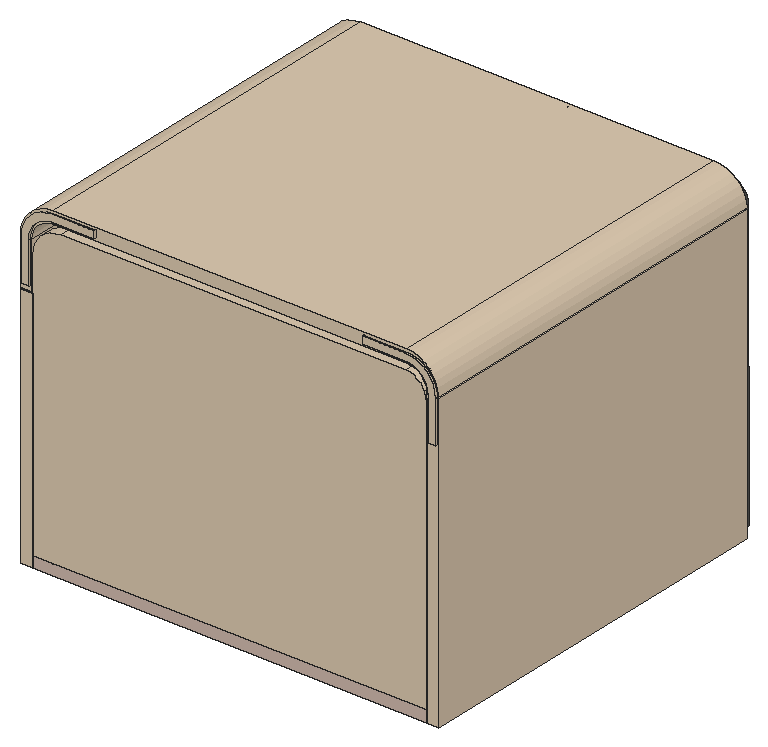
Revit family "Furniture-Wall_Mount-Vanity-KOHLER-Forefront-K-31602IN", category Casework, host Face, Revit 2022
Family settings
  Host = Face
  OmniClass Number = 23.31.25.00
  OmniClass Title = Toilet and Bath Specialties
  Cut with Voids When Loaded = No
  Shared = No
  Room Calculation Point = No
Parameters (values of type "C38-White Oak")
  Width = 23 149/256"  # constant formula
  WaterSense Certified = 1 = 0  # no
  URL = "https://www.kohler.co.in/"
  Type = 1
  Product Page URL = ""
  Product Name = "Forefront"  # constant formula
  Product Finish = Kohler-Wood-C38-White_Oak
  Product Documentation Link = "https://resources.kohler.com/plumbing/kohlerindia/pdf/Forefront-600-1331703-IN2.pdf"
  Model = if(Type = 1, "K-31602IN-C38", if(Type = 2, "K-31602IN-E63", if(Type = 3, "K-31602IN-E64", "NA")))  # "K-31602IN-C38"
  Material = "Solid Wood Construction"  # constant formula
  Master Format 2014 Name = "Cabinet and Drawer Hardware"  # constant formula
  Master Format 2014 = "06 41 93"  # constant formula
  Manufacturer Address = "Ambience Office Tower NH-8 Gurgaon / Gurugram Haryana , 122001\r\n"  # constant formula
  Manufacturer = "Kohler Co."  # constant formula
  Height = 22 183/256"  # constant formula
  Finish = "Kohler-Wood-C38-White_Oak"
  Environmental Product Declaration = ""
  Description = "60 cm wall-hung bathroom vanity cabinet"  # constant formula
  Depth = 18 109/256"  # constant formula
  Default Elevation = 35"
  Declare Label = ""
  Date Modified = "04/30/2025"  # constant formula
  Date Created = "03/31/2023"  # constant formula
  Copyright = "Copyright Kohler Co."  # constant formula
  Contact Us = "https://www.kohler.co.in/contact-us"
  Construction Type = "Wall Mount"  # constant formula
  Assembly Code = "E20"
  ADA Compliant = 1 = 0  # no
Types (4): name | Type | Product Page URL | Product Finish | Product Documentation Link | Model | Finish
  (no name) | 1 | "" | Kohler-Wood-C38-White_Oak | "https://resources.kohler.com/plumbing/kohlerindia/pdf/Forefront-600-1331703-IN2.pdf" | "K-31602IN-C38" | "Kohler-Wood-C38-White_Oak"
  C38-White Oak | 1 | "" | Kohler-Wood-C38-White_Oak | "https://resources.kohler.com/plumbing/kohlerindia/pdf/Forefront-600-1331703-IN2.pdf" | "K-31602IN-C38" | "Kohler-Wood-C38-White_Oak"
  E63-Walnut | 2 | "https://www.kohler.co.in/product-detail/31602in?skuid=K-31602IN-E63" | Kohler-Wood-E63-Walnut | "https://resources.kohler.com/plumbing/kohlerindia/pdf/Forefront-600-1331703-IN2.pdf" | "K-31602IN-E63" | "Kohler-Wood-E63-Walnut"
  E64 | 3 | "https://www.kohler.co.in/p/bathroom-vanity/forefront-600-mm-wall-hung-bathroom-vanity-cabinet-31602in?skuId=31602IN-E64" | KOHLER-Wood-E64 | "https://techcomm.kohler.com/techcomm/pdf/K-31602IN_spec_IN_Kohler_en.pdf" | "K-31602IN-E64" | "KOHLER-Wood-E64"
Reference planes (in)
  plane 1 "Center (Front/Back)": y = 0
  plane 2: z = 0
  plane 3 "Center (Left/Right)": x = 0
  plane 4: z = 18.42579
  plane 5: z = 0
  plane 6: x = 11.79102
  plane 7: x = 11.08268
  plane 8: x = -11.79102
  plane 9: x = -11.08268
  plane 10: y = -11.35742
  plane 11: y = -11.27868
  plane 12: y = 11.35742
  plane 13: y = 10.37486
  plane 14: z = 17.63838
Dimensions and locks (in)
  "Width": plane 8 to plane 6
  plane 9 to plane 7 = 22.16535"
  "Height": plane 12 to plane 10
  plane 13 to plane 10 = 21.73228"  (x2)
  plane 11 to plane 10 = 0.07874"
  plane 14 to level = 17.63838"
  plane 7 to plane 9 = 22.16535"
  equal spacing: plane 12, plane 1 "Center (Front/Back)", plane 10
  equal spacing: plane 8, plane 3 "Center (Left/Right)", plane 6
  "Depth": level to plane 4
  aligned and locked: plane 2 to host face
  aligned and locked: level to host face
  aligned and locked: plane 3 "Center (Left/Right)" to nested 1
  aligned and locked: plane 1 "Center (Front/Back)" to nested 1
Automatic sketch dimensions
  host sketch curve to host sketch curve = 96"  (x2)
Nested families (in)
  nested 1: "K-31602IN" at (0, -11.35827, 9.21318), type "K-31602IN"
Definition of nested family "K-31602IN"
  Parameters (values of type "K-31602IN")
    Material = none
    Finish = "KOHLER-Wood-E64"
    Default Elevation = 0"
  Reference planes (in)
    plane 1 "Center (Front/Back)": y = 0
    plane 2: z = 0
    plane 3 "Center (Left/Right)": x = 0
    plane 4: y = 0.07874
    plane 5: y = 21.73228
    plane 6: y = 22.71654
    plane 7: x = 11.79134
    plane 8: x = -11.79134
    plane 9: x = 11.08268
    plane 10: x = -11.08268
    plane 11: z = 9.2126
    plane 12: z = -9.2126
    plane 13: y = 11.35827
  Forms (in)
    Sweep 1, solid, material <- "Material", detail levels medium+fine
      path origin (0, 0, 0) x (-1, 0, 0) y (0, 0, -1)
        loop
          line (11.79134, -4.72441) -> (11.79134, -7.3622)
          arc (11.79134, -7.3622) -> (11.24937, -8.67063) -> (9.94094, -9.2126) r 1.85039
          line (9.94094, -9.2126) -> (-9.94094, -9.2126)
          arc (-9.94094, -9.2126) -> (-11.24937, -8.67063) -> (-11.79134, -7.3622) r 1.85039
          line (-11.79134, -7.3622) -> (-11.79134, -7.32662)
      profile origin (0, 0, 9.2126) x (0, 0, 1) y (0, -1, 0)
        loop
          line (0, -0.07874) -> (-0.66929, -0.07874) -> (-0.66929, -21.73228) -> (0, -21.73228) -> (0, -0.07874)
    Extrusion 2, solid, material <- "Material", detail levels medium+fine
      sketch origin (0, 0, 0) x (1, 0, 0) y (0, 1, 0)
        loop
          line (11.79134, 21.73228) -> (11.08268, 21.73228) -> (11.08268, 0.07874) -> (11.79134, 0.07874) -> (11.79134, 21.73228)
      from -9.2126 to 7.36286
    Extrusion 3, solid
      sketch origin (0, 0, 0) x (1, 0, 0) y (0, 0, 1)
        loop
          line (9.8622, 8.11024) -> (-9.8622, 8.11024)
          arc (-9.8622, 8.11024) -> (-10.72521, 7.75277) -> (-11.08268, 6.88976) r 1.22047
          line (-11.08268, 6.88976) -> (-11.08268, -9.2126) -> (-10.45276, -9.2126) -> (-10.45276, 6.88976)
          arc (-10.45276, 6.88976) -> (-10.27979, 7.30735) -> (-9.8622, 7.48031) r 0.59055
          line (-9.8622, 7.48031) -> (9.8622, 7.48031)
          arc (9.8622, 7.48031) -> (10.27979, 7.30735) -> (10.45276, 6.88976) r 0.59055
          line (10.45276, 6.88976) -> (10.45276, -9.2126) -> (11.08268, -9.2126) -> (11.08268, 6.88976)
          arc (11.08268, 6.88976) -> (10.72521, 7.75277) -> (9.8622, 8.11024) r 1.22047
      from -22.71654 to -20.15748
    Extrusion 4, solid, detail levels medium+fine
      sketch origin (0, 0, 0.94488) x (0, 1, 0) y (0, 0, 1)
        loop
          line (0.07874, -10.15748) -> (4.48819, -10.15748) -> (4.48819, -9.52756) -> (0.07874, -9.52756) -> (0.07874, -10.15748)
        loop
          line (15.74803, -9.52756) -> (15.74803, -10.15748) -> (20.15748, -10.15748) -> (20.15748, -9.52756) -> (15.74803, -9.52756)
      from -11.08268 to 11.08268
    Extrusion 5, solid, material <- "Material"
      sketch origin (0, 0, 0) x (1, 0, 0) y (0, 0, 1)
        loop
          arc (-9.50787, 8.14961) -> (-10.62143, 7.68836) -> (-11.08268, 6.5748) r 1.5748
          line (-11.08268, 6.5748) -> (-11.08268, -8.58268) -> (11.08268, -8.58268) -> (11.08268, 6.9685)
          arc (11.08268, 6.9685) -> (10.73674, 7.80367) -> (9.90157, 8.14961) r 1.1811
          line (9.90157, 8.14961) -> (-9.50787, 8.14961)
      from -0.07874 to -0.70866
    Extrusion 6, solid, material <- "Material", detail levels medium+fine
      sketch origin (-11.12205, 0.07874, 4.72441) x (0, 0, 1) y (-1, 0, 0)
        loop
          line (0.26575, 0.12795) -> (2.6378, 0.12795)
          arc (2.6378, 0.12795) -> (3.56344, -0.25546) -> (3.94685, -1.1811) r 1.30906
          line (3.94685, -1.1811) -> (3.94685, -3.55315) -> (4.36024, -3.55315) -> (4.36024, -1.1811)
          arc (4.36024, -1.1811) -> (3.85574, 0.03685) -> (2.6378, 0.54134) r 1.72244
          line (2.6378, 0.54134) -> (0.26575, 0.54134) -> (0.26575, 0.12795)
        loop
          line (0.26575, -22.37205) -> (0.26575, -22.78543) -> (2.6378, -22.78543)
          arc (2.6378, -22.78543) -> (3.85574, -22.28094) -> (4.36024, -21.06299) r 1.72244
          line (4.36024, -21.06299) -> (4.36024, -18.69094) -> (3.94685, -18.69094) -> (3.94685, -21.06299)
          arc (3.94685, -21.06299) -> (3.56344, -21.98863) -> (2.6378, -22.37205) r 1.30906
          line (2.6378, -22.37205) -> (0.26575, -22.37205)
      from 0 to 0.07874
    Sweep 7, solid, detail levels medium+fine
      path origin (5.70866, 0, 0) x (1, 0, 0) y (0, 0, 1)
        loop
          line (-12.65748, 8.40551) -> (-12.65748, 5.57087)
          arc (-12.65748, 5.57087) -> (-12.34614, 4.81922) -> (-11.59449, 4.50787) r 1.06299
          line (-11.59449, 4.50787) -> (0.21654, 4.50787)
          arc (0.21654, 4.50787) -> (0.96818, 4.81922) -> (1.27953, 5.57087) r 1.06299
          line (1.27953, 5.57087) -> (1.27953, 8.40551)
      profile origin (0.01969, 0, 4.50787) x (0, 0, 1) y (0, -1, 0)
        loop
          line (0, -9.94094) -> (0.3937, -9.94094) -> (0.3937, -9.82283) -> (-0.11811, -9.82283) -> (-0.11811, -13.30707)
          arc (-0.11811, -13.30707) -> (-0.05906, -13.36612) -> (0, -13.30707) r 0.05906
          line (0, -13.30707) -> (0, -9.94094)
    Extrusion 8, solid, detail levels medium+fine
      sketch origin (-6.55512, 9.94094, 8.4252) x (0, 0, -1) y (-1, 0, 0)
        loop
          line (2.85433, 0) -> (0.33465, 0) -> (0.33465, -13.14961) -> (2.85433, -13.14961)
          arc (2.85433, -13.14961) -> (3.32759, -12.95358) -> (3.52362, -12.48031) r 0.66929
          line (3.52362, -12.48031) -> (3.52362, -0.66929)
          arc (3.52362, -0.66929) -> (3.32759, -0.19603) -> (2.85433, 0) r 0.66929
      from 0 to -0.11811
    Extrusion 9, solid, detail levels medium+fine
      sketch origin (5.76772, 0, -0.93504) x (1, 0, 0) y (0, 0, 1)
        loop
          line (-16.11994, 3.10533) -> (-15.89535, 5.8887)
          arc (-15.89535, 5.8887) -> (-16.00113, 6.02564) -> (-16.14742, 5.93323) r 0.12856
          line (-16.14742, 5.93323) -> (-16.20277, 5.73264)
          arc (-16.20277, 5.73264) -> (-16.22056, 5.70459) -> (-16.25097, 5.69123) r 0.05694
          line (-16.25097, 5.69123) -> (-16.85039, 5.62036) -> (-16.85039, 3.10533) -> (-16.11994, 3.10533)
      from -3.51575 to -2.83071
    Extrusion 10, solid, detail levels medium+fine
      sketch origin (5.76772, 11.93504, -0.93504) x (1, 0, 0) y (0, 0, 1)
        loop
          line (-16.11994, 3.10533) -> (-15.89535, 5.8887)
          arc (-15.89535, 5.8887) -> (-16.00113, 6.02564) -> (-16.14742, 5.93323) r 0.12856
          line (-16.14742, 5.93323) -> (-16.20277, 5.73264)
          arc (-16.20277, 5.73264) -> (-16.22056, 5.70459) -> (-16.25097, 5.69123) r 0.05694
          line (-16.25097, 5.69123) -> (-16.85039, 5.62036) -> (-16.85039, 3.10533) -> (-16.11994, 3.10533)
      from -3.51575 to -2.83071
    Extrusion 11, solid, detail levels medium+fine
      sketch origin (-15.90551, 13.58268, -9.37008) x (-1, 0, 0) y (0, 0, 1)
        loop
          line (-5.5315, 3.24803) -> (-5.5315, 1.00394) -> (-5.76772, 1.00394) -> (-5.76772, 0.7874) -> (-4.82283, 0.7874) -> (-4.82283, 3.24803) -> (-5.5315, 3.24803)
        loop
          line (-26.27953, 3.24803) -> (-26.98819, 3.24803) -> (-26.98819, 0.7874) -> (-26.04331, 0.7874) -> (-26.04331, 1.00394) -> (-26.27953, 1.00394) -> (-26.27953, 3.24803)
      from 0 to -1.29921
    Extrusion 12, solid, detail levels medium+fine
      sketch origin (5.76772, 15.05906, -0.93504) x (1, 0, 0) y (0, 0, 1)
        loop
          line (-16.11994, 3.10533) -> (-15.89535, 5.8887)
          arc (-15.89535, 5.8887) -> (-16.00113, 6.02564) -> (-16.14742, 5.93323) r 0.12856
          line (-16.14742, 5.93323) -> (-16.20277, 5.73264)
          arc (-16.20277, 5.73264) -> (-16.22056, 5.70459) -> (-16.25097, 5.69123) r 0.05694
          line (-16.25097, 5.69123) -> (-16.85039, 5.62036) -> (-16.85039, 3.10533) -> (-16.11994, 3.10533)
      from -3.51575 to -2.83071
    Extrusion 13, solid, material <- "Material", detail levels coarse
      sketch origin (17.55906, 21.73228, 0) x (1, 0, 0) y (0, 0, -1)
        loop
          line (-5.64272, 9.2126) -> (-6.47638, 9.2126) -> (-6.47638, -7.3622)
          arc (-6.47638, -7.3622) -> (-6.82231, -8.19737) -> (-7.65748, -8.54331) r 1.1811
          line (-7.65748, -8.54331) -> (-27.46063, -8.54331)
          arc (-27.46063, -8.54331) -> (-28.2958, -8.19737) -> (-28.64173, -7.3622) r 1.1811
          line (-28.64173, -7.3622) -> (-28.64173, 9.2126) -> (-29.47539, 9.2126) -> (-29.47539, -7.57979)
          arc (-29.47539, -7.57979) -> (-28.99715, -8.73436) -> (-27.84258, -9.2126) r 1.63281
          line (-27.84258, -9.2126) -> (-7.27362, -9.2126)
          arc (-7.27362, -9.2126) -> (-6.1204, -8.73492) -> (-5.64272, -7.5817) r 1.6309
          line (-5.64272, -7.5817) -> (-5.64272, 9.2126)
      from -21.73228 to 0
    Extrusion 14, solid, detail levels coarse
      sketch origin (8.85827, 6.39764, 0) x (1, 0, 0) y (0, 0, 1)
        loop
          line (-1.75197, 4.38976) -> (-1.75197, 8.40551) -> (-15.9252, 8.40551) -> (-15.9252, 4.38976) -> (-1.75197, 4.38976)
        loop
          line (-2.34252, 7.79528) -> (-15.33465, 7.79528) -> (-15.33465, 4.98031) -> (-2.34252, 4.98031) -> (-2.34252, 7.79528)
      from -6.96849 to -3.4252
    Extrusion 15, solid, detail levels coarse
      sketch origin (6.90945, 9.82283, -0.94488) x (1, 0, 0) y (0, 0, 1)
        loop
          line (-0.3937, 8.74016) -> (-13.38583, 8.74016) -> (-13.38583, 5.9252) -> (-0.3937, 5.9252) -> (-0.3937, 8.74016)
      from 0 to -0.57943
    Extrusion 16, solid
      sketch origin (9.44488, 21.7815, 8.93898) x (1, 0, 0) y (0, 0, -1)
        loop
          line (0.15748, -0.0689) -> (0.15748, 0.44488) -> (-7.71654, 0.44488) -> (-7.71654, -0.0689)
          arc (-7.71654, -0.0689) -> (-7.69347, -0.12458) -> (-7.6378, -0.14764) r 0.07874
          line (-7.6378, -0.14764) -> (0.07874, -0.14764)
          arc (0.07874, -0.14764) -> (0.13442, -0.12458) -> (0.15748, -0.0689) r 0.07874
      from 0 to -0.60039
    Extrusion 17, void
      sketch origin (9.44488, 21.7815, 8.93898) x (1, 0, 0) y (0, 0, -1)
        loop
          line (0.15748, -0.0689) -> (0.15748, 0.44488) -> (-7.71654, 0.44488) -> (-7.71654, -0.0689)
          arc (-7.71654, -0.0689) -> (-7.69347, -0.12458) -> (-7.6378, -0.14764) r 0.07874
          line (-7.6378, -0.14764) -> (0.07874, -0.14764)
          arc (0.07874, -0.14764) -> (0.13442, -0.12458) -> (0.15748, -0.0689) r 0.07874
      from 0 to -0.60039
    Sweep 18, void
      path origin (0, 0, -0.94419) x (0, 1, 0) y (0, 0, 1)
        loop
          line (21.32837, 9.38301) -> (21.32837, 9.41899)
          arc (21.32837, 9.41899) -> (21.46674, 9.75305) -> (21.80081, 9.89143) r 0.47244
          line (21.80081, 9.89143) -> (21.89464, 9.89143)
      profile origin (0, 21.84772, 8.94724) x (0, 0, 1) y (1, 0, 0)
        loop
          arc (0, 9.09055) -> (-0.10378, 9.3411) -> (-0.35433, 9.44488) r 0.35433
          line (-0.35433, 9.44488) -> (-0.45737, 9.44488) -> (-0.45737, 1.88562) -> (-0.35433, 1.88562)
          arc (-0.35433, 1.88562) -> (-0.10378, 1.9894) -> (0, 2.23995) r 0.35433
          line (0, 2.23995) -> (0, 9.09055)
    Revolve 19, solid, detail levels medium+fine
      sketch origin (7.83711, 20.75098, -1.06234) x (1, 0, 0) y (0, 0, 1)
        loop
          line (3.62194, 8.54331) -> (3.62194, 8.4252) -> (3.83637, 8.4252)
          arc (3.83637, 8.4252) -> (3.86142, 8.43557) -> (3.8718, 8.46063) r 0.03543
          line (3.8718, 8.46063) -> (3.8718, 8.50787)
          arc (3.8718, 8.50787) -> (3.86142, 8.53293) -> (3.83637, 8.54331) r 0.03543
          line (3.83637, 8.54331) -> (3.62194, 8.54331)
        axis (3.62194, 8.54331) -> (3.62194, 8.4252)
      angle from 0 to 360
    Extrusion 20, solid, material <- "Material", detail levels medium+fine
      sketch origin (0, 0, 0) x (-1, 0, 0) y (0, -1, 0)
        loop
          line (11.79134, -21.73228) -> (11.79134, -0.07874) -> (11.08268, -0.07874) -> (11.08268, -21.73228) -> (11.79134, -21.73228)
      from -9.2126 to 4.6063
    Extrusion 21, solid
      sketch origin (0, 0, 0) x (1, 0, 0) y (0, 0, 1)
        loop
          arc (2.14567, 7.48031) -> (2.16873, 7.42464) -> (2.22441, 7.40157) r 0.07874
          line (2.22441, 7.40157) -> (2.87402, 7.40157) -> (2.87402, 7.48031) -> (2.22441, 7.48031) -> (2.22441, 8.26772)
          arc (2.22441, 8.26772) -> (2.17828, 8.37907) -> (2.06693, 8.4252) r 0.15748
          line (2.06693, 8.4252) -> (-2.06693, 8.4252)
          arc (-2.06693, 8.4252) -> (-2.17828, 8.37907) -> (-2.22441, 8.26772) r 0.15748
          line (-2.22441, 8.26772) -> (-2.22441, 7.48031) -> (-2.87402, 7.48031) -> (-2.87402, 7.40157) -> (-2.22441, 7.40157)
          arc (-2.22441, 7.40157) -> (-2.16873, 7.42464) -> (-2.14567, 7.48031) r 0.07874
          line (-2.14567, 7.48031) -> (-2.14567, 8.26772)
          arc (-2.14567, 8.26772) -> (-2.12261, 8.32339) -> (-2.06693, 8.34646) r 0.07874
          line (-2.06693, 8.34646) -> (2.06693, 8.34646)
          arc (2.06693, 8.34646) -> (2.12261, 8.32339) -> (2.14567, 8.26772) r 0.07874
          line (2.14567, 8.26772) -> (2.14567, 7.48031)
      from -20.74803 to -22.71654
    Extrusion 22, void
      sketch origin (0, 0, 0) x (1, 0, 0) y (0, 0, 1)
        loop
          line (2.22441, 7.40157) -> (2.22441, 8.4252) -> (-2.22441, 8.4252) -> (-2.22441, 7.40157) -> (2.22441, 7.40157)
      from -20.74803 to -22.71654
    Extrusion 23, solid
      sketch origin (-25.98425, 0, 0) x (1, 0, 0) y (0, 0, 1)
        loop
          line (37.06693, -9.2126) -> (37.06693, 4.25197) -> (14.90157, 4.25197) -> (14.90157, -9.2126) -> (37.06693, -9.2126)
      from -9.2126 to -8.58268
    Extrusion 24, solid
      sketch origin (-25.98425, 0, 0) x (1, 0, 0) y (0, 1, 0)
        loop
          line (29.54724, 12.71654) -> (31.12205, 12.71654) -> (31.12205, 13.16929)
          arc (31.12205, 13.16929) -> (31.10475, 13.21105) -> (31.06299, 13.22835) r 0.05906
          line (31.06299, 13.22835) -> (29.6063, 13.22835)
          arc (29.6063, 13.22835) -> (29.56454, 13.21105) -> (29.54724, 13.16929) r 0.05906
          line (29.54724, 13.16929) -> (29.54724, 12.71654)
        loop
          line (20.88583, 13.16929) -> (20.88583, 12.71654) -> (22.46063, 12.71654) -> (22.46063, 13.16929)
          arc (22.46063, 13.16929) -> (22.44333, 13.21105) -> (22.40157, 13.22835) r 0.05906
          line (22.40157, 13.22835) -> (20.94488, 13.22835)
          arc (20.94488, 13.22835) -> (20.90312, 13.21105) -> (20.88583, 13.16929) r 0.05906
      from 8.40551 to 8.54331
    Extrusion 25, void
      sketch origin (0, 0, 0) x (1, 0, 0) y (0, 0, 1)
        loop
          line (11.03713, 7.48097) -> (11.03713, 7.32662) -> (11.8566, 7.32662) -> (11.8566, 7.48097) -> (11.03713, 7.48097)
      from -23.68662 to 0.77
    Revolve 26, solid, detail levels medium+fine
      sketch origin (7.83711, 1.06594, -1.06234) x (1, 0, 0) y (0, 0, 1)
        loop
          line (3.62194, 8.54331) -> (3.62194, 8.4252) -> (3.83637, 8.4252)
          arc (3.83637, 8.4252) -> (3.86142, 8.43557) -> (3.8718, 8.46063) r 0.03543
          line (3.8718, 8.46063) -> (3.8718, 8.50787)
          arc (3.8718, 8.50787) -> (3.86142, 8.53293) -> (3.83637, 8.54331) r 0.03543
          line (3.83637, 8.54331) -> (3.62194, 8.54331)
        axis (3.62194, 8.54331) -> (3.62194, 8.4252)
      angle from 0 to 360
    Extrusion 27, solid, detail levels coarse
      sketch origin (0.08465, 0.09055, 0.94488) x (0, 1, 0) y (0, 0, 1)
        loop
          line (0.07874, -10.15748) -> (4.48819, -10.15748) -> (4.48819, -9.52756) -> (0.07874, -9.52756) -> (0.07874, -10.15748)
        loop
          line (15.74803, -9.52756) -> (15.74803, -10.15748) -> (20.06693, -10.15748) -> (20.06693, -9.52756) -> (15.74803, -9.52756)
      from -11.16732 to 10.99803
    Extrusion 28, solid, material <- "Material", detail levels medium+fine
      sketch origin (0, 0, 0) x (0, 1, 0) y (0, 0, 1)
        loop
          line (11.43701, -8.99606) -> (11.83071, -8.99606) -> (11.83071, -8.91732) -> (11.43701, -8.91732) -> (11.20079, -9.11417) -> (10.33465, -9.11417) -> (10.33465, -9.19291) -> (11.20079, -9.19291) -> (11.43701, -8.99606)
      from 8.60236 to 11.08268
    Extrusion 29, void
      sketch origin (0, 0, 0) x (1, 0, 0) y (0, 1, 0)
        loop
          line (10.96457, 10.33465) -> (11.08268, 10.33465) -> (11.08268, 10.45276) -> (10.96457, 10.33465)
        loop
          line (8.72047, 11.83071) -> (8.60236, 11.83071) -> (8.60236, 11.7126) -> (8.72047, 11.83071)
        loop
          line (8.60236, 10.45276) -> (8.60236, 10.33465) -> (8.72047, 10.33465) -> (8.60236, 10.45276)
      from -13.47327 to -5.30107
    Extrusion 30, void
      sketch origin (0, 0, 0) x (1, 0, 0) y (0, 1, 0)
        loop
          line (10.68898, 11.00394) -> (10.43307, 11.00394)
          arc (10.43307, 11.00394) -> (10.31496, 10.88583) -> (10.43307, 10.76772) r 0.11811
          line (10.43307, 10.76772) -> (10.68898, 10.76772)
          arc (10.68898, 10.76772) -> (10.80709, 10.88583) -> (10.68898, 11.00394) r 0.11811
        loop
          line (9.97047, 10.70866) -> (9.71457, 10.70866)
          arc (9.71457, 10.70866) -> (9.59646, 10.59055) -> (9.71457, 10.47244) r 0.11811
          line (9.71457, 10.47244) -> (9.97047, 10.47244)
          arc (9.97047, 10.47244) -> (10.08858, 10.59055) -> (9.97047, 10.70866) r 0.11811
        loop
          arc (9.25197, 10.76772) -> (9.37008, 10.88583) -> (9.25197, 11.00394) r 0.11811
          line (9.25197, 11.00394) -> (8.99606, 11.00394)
          arc (8.99606, 11.00394) -> (8.87795, 10.88583) -> (8.99606, 10.76772) r 0.11811
          line (8.99606, 10.76772) -> (9.25197, 10.76772)
      from -10.92495 to -2.04836
    Extrusion 31, solid, material <- "Material", detail levels medium+fine
      sketch origin (0, 0, 0) x (1, 0, 0) y (0, 0, 1)
        loop
          line (10.96457, -9.15354) -> (10.96457, -8.6811) -> (10.80709, -8.6811) -> (10.80709, -8.56299) -> (10.41339, -8.56299) -> (10.41339, -8.6811) -> (10.25591, -8.6811) -> (10.25591, -9.15354) -> (10.96457, -9.15354)
      from -12.20472 to -11.51575
    Extrusion 32, solid, material <- "Material", detail levels medium+fine
      sketch origin (0, 0, 0) x (0, 1, 0) y (0, 0, -1)
        loop
          line (11.43701, 8.99606) -> (11.20079, 9.19291) -> (10.33465, 9.19291) -> (10.33465, 9.11417) -> (11.20079, 9.11417) -> (11.43701, 8.91732) -> (11.83071, 8.91732) -> (11.83071, 8.99606) -> (11.43701, 8.99606)
      from 8.60236 to 11.08268
    Extrusion 33, solid, material <- "Material", detail levels medium+fine
      sketch origin (0, 0, 0) x (-1, 0, 0) y (0, 0, -1)
        loop
          line (10.96457, 9.15354) -> (10.25591, 9.15354) -> (10.25591, 8.6811) -> (10.41339, 8.6811) -> (10.41339, 8.56299) -> (10.80709, 8.56299) -> (10.80709, 8.6811) -> (10.96457, 8.6811) -> (10.96457, 9.15354)
      from -12.20472 to -11.51575
    Extrusion 34, solid, material <- "Material", detail levels medium+fine
      sketch origin (0, 0, 0) x (0, 1, 0) y (0, 0, -1)
        loop
          line (11.43701, 8.99606) -> (11.20079, 9.19291) -> (10.33465, 9.19291) -> (10.33465, 9.11417) -> (11.20079, 9.11417) -> (11.43701, 8.91732) -> (11.83071, 8.91732) -> (11.83071, 8.99606) -> (11.43701, 8.99606)
      from 8.60236 to 11.08268
    Extrusion 35, solid, material <- "Material", detail levels medium+fine
      sketch origin (0, 0, 0) x (-1, 0, 0) y (0, 0, -1)
        loop
          line (10.96457, 9.15354) -> (10.25591, 9.15354) -> (10.25591, 8.6811) -> (10.41339, 8.6811) -> (10.41339, 8.56299) -> (10.80709, 8.56299) -> (10.80709, 8.6811) -> (10.96457, 8.6811) -> (10.96457, 9.15354)
      from -12.20472 to -11.51575
    Extrusion 36, void
      sketch origin (0, 0, 0) x (-1, 0, 0) y (0, -1, 0)
        loop
          line (10.96457, -10.33465) -> (11.08268, -10.45276) -> (11.08268, -10.33465) -> (10.96457, -10.33465)
        loop
          line (8.72047, -11.83071) -> (8.60236, -11.7126) -> (8.60236, -11.83071) -> (8.72047, -11.83071)
        loop
          line (8.60236, -10.45276) -> (8.72047, -10.33465) -> (8.60236, -10.33465) -> (8.60236, -10.45276)
      from -13.47327 to -5.30107
    Extrusion 37, void
      sketch origin (0, 0, 0) x (-1, 0, 0) y (0, -1, 0)
        loop
          arc (10.68898, -11.00394) -> (10.80709, -10.88583) -> (10.68898, -10.76772) r 0.11811
          line (10.68898, -10.76772) -> (10.43307, -10.76772)
          arc (10.43307, -10.76772) -> (10.31496, -10.88583) -> (10.43307, -11.00394) r 0.11811
          line (10.43307, -11.00394) -> (10.68898, -11.00394)
        loop
          arc (9.97047, -10.70866) -> (10.08858, -10.59055) -> (9.97047, -10.47244) r 0.11811
          line (9.97047, -10.47244) -> (9.71457, -10.47244)
          arc (9.71457, -10.47244) -> (9.59646, -10.59055) -> (9.71457, -10.70866) r 0.11811
          line (9.71457, -10.70866) -> (9.97047, -10.70866)
        loop
          line (9.25197, -10.76772) -> (8.99606, -10.76772)
          arc (8.99606, -10.76772) -> (8.87795, -10.88583) -> (8.99606, -11.00394) r 0.11811
          line (8.99606, -11.00394) -> (9.25197, -11.00394)
          arc (9.25197, -11.00394) -> (9.37008, -10.88583) -> (9.25197, -10.76772) r 0.11811
      from -10.92495 to -2.04836
  Cuts and joins
    joined: Sweep 7, Extrusion 8
    joined: Extrusion 14, Extrusion 15
    Extrusion 17, Extrusion 25 cuts Sweep 1
    Sweep 18 cuts Extrusion 16
    Extrusion 17, Extrusion 22, Extrusion 36 cuts Extrusion 13
    Extrusion 22 cuts Extrusion 3
    Extrusion 29, Extrusion 30, Extrusion 36, Extrusion 37 cuts Extrusion 28
    Extrusion 36 cuts Extrusion 2
    Extrusion 36, Extrusion 37 cuts Extrusion 34
    Extrusion 36, Extrusion 37 cuts Extrusion 32
  Lines and regions (in)
    Masking region 1
      outline origin (0, 0, 0.94488) x (1, 0, 0) y (0, 0, 1)
        loop
          line (-11.79134, -10.15748) -> (11.79134, -10.15748) -> (11.79134, 6.45301) -> (11.70658, 6.45301) -> (11.70658, 6.5)
          arc (11.70658, 6.5) -> (11.6962, 6.52505) -> (11.67115, 6.53543) r 0.03543
          line (11.67115, 6.53543) -> (11.78757, 6.53543)
          arc (11.78757, 6.53543) -> (11.20692, 7.76686) -> (9.94094, 8.26772) r 1.85039
          line (9.94094, 8.26772) -> (-9.94094, 8.26772)
          arc (-9.94094, 8.26772) -> (-11.24937, 7.72575) -> (-11.79134, 6.41732) r 1.85039
          line (-11.79134, 6.41732) -> (-11.79134, 3.77953) -> (-11.08268, 3.77953) -> (-11.08268, 3.70079) -> (-11.79134, 3.70079) -> (-11.79134, -10.15748)
        loop
          line (-11.08268, 6.41732) -> (-11.08268, 6.02362)
          arc (-11.08268, 6.02362) -> (-10.73674, 6.85879) -> (-9.90157, 7.20472) r 1.1811
          line (-9.90157, 7.20472) -> (-7.06693, 7.20472) -> (-7.06693, 7.46063) -> (-5.09843, 7.46063) -> (-5.09843, 7.59843) -> (-9.90157, 7.59843)
          arc (-9.90157, 7.59843) -> (-10.73674, 7.25249) -> (-11.08268, 6.41732) r 1.1811
        loop
          arc (9.90157, 7.20472) -> (10.73674, 6.85879) -> (11.08268, 6.02362) r 1.1811
          line (11.08268, 6.02362) -> (11.08268, 6.45301) -> (11.20777, 6.45301) -> (11.20777, 6.5)
          arc (11.20777, 6.5) -> (11.21815, 6.52505) -> (11.2432, 6.53543) r 0.03543
          line (11.2432, 6.53543) -> (11.07676, 6.53543)
          arc (11.07676, 6.53543) -> (10.69388, 7.29325) -> (9.90157, 7.59843) r 1.1811
          line (9.90157, 7.59843) -> (9.60236, 7.59843) -> (9.60236, 7.54921) -> (5.1378, 7.54921) -> (5.1378, 7.46063) -> (7.1063, 7.46063) -> (7.1063, 7.20472) -> (9.90157, 7.20472)
        loop
          line (-3.52362, 7.46063) -> (-2.14317, 7.46063)
          arc (-2.14317, 7.46063) -> (-2.1063, 7.47531) -> (-2.06693, 7.48031) r 0.15748
          line (-2.06693, 7.48031) -> (2.06693, 7.48031)
          arc (2.06693, 7.48031) -> (2.1063, 7.47531) -> (2.14317, 7.46063) r 0.15748
          line (2.14317, 7.46063) -> (3.56299, 7.46063) -> (3.56299, 7.54921) -> (1.72835, 7.54921) -> (1.72835, 7.59843) -> (-3.52362, 7.59843) -> (-3.52362, 7.46063)
    Masking region 2
      outline origin (0, 0, -0.94488) x (0, 1, 0) y (0, 0, 1)
        loop
          line (0.07874, 10.02953) -> (0, 10.02953) -> (0, 5.93504) -> (0.07874, 5.93504) -> (0.07874, -8.26772) -> (22.71654, -8.26772) -> (22.71654, 9.37008) -> (21.73228, 9.37008) -> (21.73228, 9.43916) -> (21.7815, 9.43916) -> (21.7815, 10.03937) -> (21.73228, 10.03937) -> (21.73228, 10.15748) -> (0.07874, 10.15748) -> (0.07874, 10.02953)
    Masking region 3
      outline origin (0, 0, 0) x (1, 0, 0) y (0, 1, 0)
        loop
          line (-11.79134, 21.73228) -> (-11.79134, 0.07874) -> (-11.62402, 0.07874) -> (-11.62402, 0) -> (-7.52953, 0) -> (-7.52953, 0.07874) -> (11.79134, 0.07874) -> (11.79134, 21.73228) -> (11.08268, 21.73228) -> (11.08268, 22.71654) -> (-11.08268, 22.71654) -> (-11.08268, 21.73228) -> (-11.79134, 21.73228)
    symbolic lines, detail levels medium+fine
      curve 1: line (5.1378, 0, 8.40551) -> (3.56299, 0, 8.40551)
      curve 2: line (-9.8622, 0, 7.48031) -> (-2.87402, 0, 7.48031)
      curve 3: line (10.45276, 0, -8.58268) -> (-10.45276, 0, -8.58268)
      curve 4: line (1.72835, 0, 8.54331) -> (1.72835, 0, 8.49409)
      curve 5: line (3.56299, 0, 8.49409) -> (5.1378, 0, 8.49409)
      curve 6: line (9.60236, 0, 8.49409) -> (9.60236, 0, 8.54331)
      curve 7: line (9.60236, 0, 8.54331) -> (9.60236, 0, 9.01575)
      curve 8: arc (9.52362, 0, 9.09449) -> (9.5793, 0, 9.07143) -> (9.60236, 0, 9.01575) r 0.07874
      curve 9: line (1.80709, 0, 9.09449) -> (9.52362, 0, 9.09449)
      curve 10: arc (1.72835, 0, 9.01575) -> (1.75141, 0, 9.07143) -> (1.80709, 0, 9.09449) r 0.07874
      curve 11: line (1.72835, 0, 8.54331) -> (1.72835, 0, 9.01575)
      curve 12: line (1.88583, 0, 8.49409) -> (1.88583, 0, 8.5925)
      curve 13: line (9.09055, 0, 8.94683) -> (2.24016, 0, 8.94683)
      curve 14: arc (2.24016, 0, 8.94683) -> (1.98961, 0, 8.84305) -> (1.88583, 0, 8.5925) r 0.35433
      curve 15: line (9.44488, 0, 8.49409) -> (9.44488, 0, 8.5925)
      curve 16: arc (9.09055, 0, 8.94683) -> (9.3411, 0, 8.84305) -> (9.44488, 0, 8.5925) r 0.35433
      curve 17: line (-3.52362, 0, 8.54331) -> (-5.09843, 0, 8.54331)
      curve 18: line (-5.09843, 0, 8.40551) -> (-3.52362, 0, 8.40551)
      curve 19: line (-3.52362, 0, 8.48425) -> (-5.09843, 0, 8.48425)
      curve 20: line (-3.52362, 0, 8.40551) -> (-3.52362, 0, 8.4252)
      curve 21: line (-10.45276, 0, -9.2126) -> (-10.45276, 0, 6.88976)
      curve 22: arc (-10.45276, 0, 6.88976) -> (-10.27979, 0, 7.30735) -> (-9.8622, 0, 7.48031) r 0.59055
      curve 23: line (-10.37402, 0, -8.36614) -> (-10.37402, 0, -6.12205)
      curve 24: line (-10.1378, 0, -8.36614) -> (-10.37402, 0, -8.36614)
      curve 25: line (-10.1378, 0, -8.58268) -> (-10.1378, 0, -8.36614)
      curve 26: line (-10.45276, 0, -6.12205) -> (-10.37402, 0, -6.12205)
      curve 27: line (7.08661, 0, 5.57087) -> (7.08661, 0, 7.48031)
      curve 28: arc (7.08661, 0, 5.57087) -> (6.74068, 0, 4.7357) -> (5.90551, 0, 4.38976) r 1.1811
      curve 29: line (-5.90551, 0, 4.38976) -> (5.90551, 0, 4.38976)
      curve 30: line (-5.90551, 0, 4.50787) -> (5.90551, 0, 4.50787)
      curve 31: arc (6.9685, 0, 5.57087) -> (6.65716, 0, 4.81922) -> (5.90551, 0, 4.50787) r 1.06299
      curve 32: line (6.9685, 0, 5.57087) -> (6.9685, 0, 7.48031)
      curve 33: arc (-5.90551, 0, 4.50787) -> (-6.65716, 0, 4.81922) -> (-6.9685, 0, 5.57087) r 1.06299
      curve 34: arc (-7.08661, 0, 5.57087) -> (-6.74068, 0, 4.7357) -> (-5.90551, 0, 4.38976) r 1.1811
      curve 35: line (-6.9685, 0, 7.48031) -> (-6.9685, 0, 5.57087)
      curve 36: line (-7.08661, 0, 5.57087) -> (-7.08661, 0, 7.48031)
      curve 37: arc (-7.38251, 0, -8.53793) -> (-7.29383, 0, -8.45217) -> (-7.17687, 0, -8.41292) r 0.27957
      curve 38: arc (-7.36932, 0, -8.58268) -> (-7.38626, 0, -8.56335) -> (-7.38251, 0, -8.53793) r 0.03061
      curve 39: arc (-6.91471, 0, -8.53793) -> (-6.90959, 0, -8.56164) -> (-6.92166, 0, -8.58268) r 0.03381
      curve 40: line (-7.17687, 0, -8.45432) -> (-7.17687, 0, -8.41292)
      curve 41: line (-7.11515, 0, -8.45432) -> (-7.17687, 0, -8.45432)
      curve 42: line (-7.11515, 0, -8.4135) -> (-7.11515, 0, -8.45432)
      curve 43: arc (-7.11515, 0, -8.4135) -> (-7.00116, 0, -8.45354) -> (-6.91471, 0, -8.53793) r 0.27957
      curve 44: line (-10.12763, 0, 4.94382) -> (-10.35223, 0, 2.16044)
      curve 45: line (-10.35223, 0, 2.16044) -> (-10.45276, 0, 2.16044)
      curve 46: arc (-10.45276, 0, 4.75978) -> (-10.44183, 0, 4.77245) -> (-10.43505, 0, 4.78775) r 0.05694
      curve 47: line (-10.43505, 0, 4.78775) -> (-10.37971, 0, 4.98835)
      curve 48: arc (-10.37971, 0, 4.98835) -> (-10.23341, 0, 5.08076) -> (-10.12763, 0, 4.94382) r 0.12856
      curve 49: line (0, 21.73228, 9.09449) -> (0, 21.73228, 8.49428)
      curve 50: line (0, 0.07874, 4.99016) -> (0, 0.07874, 9.08465)
      curve 51: line (0, 0.07874, 7.48031) -> (0, 21.73228, 7.48031)
      curve 52: line (0, 0.07874, 7.40157) -> (0, 21.73228, 7.40157)
      curve 53: line (0, 21.73228, 8.4252) -> (0, 21.73228, -9.2126)
      curve 54: line (0, 20.15748, 7.48031) -> (0, 20.15748, 7.40157)
      curve 55: line (0, 13.46095, 7.48031) -> (0, 13.46095, 7.40157)
      curve 56: line (0, 0.70866, 7.48031) -> (0, 0.70866, 7.40157)
      curve 57: line (0, 1.33744, 7.48031) -> (0, 1.33744, 7.40157)
      curve 58: line (-11.08268, 21.73228, 0) -> (11.08268, 21.73228, 0)
      curve 59: line (-11.62402, 0.07874, 0) -> (-7.52953, 0.07874, 0)
      curve 60: line (-9.8622, 22.71654, 0) -> (-9.8622, 0.07874, 0)
      curve 61: line (-11.08268, 0, 6.9685) -> (-11.08268, 0, 4.72441)
      curve 62: line (-11.08268, 0, 4.64567) -> (-11.08268, 0, -9.2126)
      curve 63: line (10.45276, 0, -9.2126) -> (10.45276, 0, 6.88976)
      curve 64: arc (10.45276, 0, 6.88976) -> (10.27979, 0, 7.30735) -> (9.8622, 0, 7.48031) r 0.59055
      curve 65: line (10.37402, 0, -8.36614) -> (10.37402, 0, -6.12205)
      curve 66: line (10.1378, 0, -8.36614) -> (10.37402, 0, -8.36614)
      curve 67: line (10.1378, 0, -8.58268) -> (10.1378, 0, -8.36614)
      curve 68: line (10.45276, 0, -6.12205) -> (10.37402, 0, -6.12205)
      curve 69: arc (7.38251, 0, -8.53793) -> (7.29383, 0, -8.45217) -> (7.17687, 0, -8.41292) r 0.27957
      curve 70: arc (7.36932, 0, -8.58268) -> (7.38626, 0, -8.56335) -> (7.38251, 0, -8.53793) r 0.03061
      curve 71: arc (6.91471, 0, -8.53793) -> (6.90959, 0, -8.56164) -> (6.92166, 0, -8.58268) r 0.03381
      curve 72: line (7.17687, 0, -8.45432) -> (7.17687, 0, -8.41292)
      curve 73: line (7.11515, 0, -8.45432) -> (7.17687, 0, -8.45432)
      curve 74: line (7.11515, 0, -8.4135) -> (7.11515, 0, -8.45432)
      curve 75: arc (7.11515, 0, -8.4135) -> (7.00116, 0, -8.45354) -> (6.91471, 0, -8.53793) r 0.27957
      curve 76: line (10.12763, 0, 4.94382) -> (10.35223, 0, 2.16044)
      curve 77: line (10.35223, 0, 2.16044) -> (10.45276, 0, 2.16044)
      curve 78: arc (10.45276, 0, 4.75978) -> (10.44183, 0, 4.77245) -> (10.43505, 0, 4.78775) r 0.05694
      curve 79: line (10.43505, 0, 4.78775) -> (10.37971, 0, 4.98835)
      curve 80: arc (10.37971, 0, 4.98835) -> (10.23341, 0, 5.08076) -> (10.12763, 0, 4.94382) r 0.12856
      curve 81: line (11.08268, 0, 6.9685) -> (11.08268, 0, -9.2126)
      curve 82: line (11.67115, 0, 7.48031) -> (11.2432, 0, 7.48031)
      curve 83: line (11.70658, 0, 7.44488) -> (11.20777, 0, 7.44488)
      curve 84: arc (11.70658, 0, 7.44488) -> (11.6962, 0, 7.46994) -> (11.67115, 0, 7.48031) r 0.03543
      curve 85: arc (11.2432, 0, 7.48031) -> (11.21815, 0, 7.46994) -> (11.20777, 0, 7.44488) r 0.03543
      curve 86: line (11.70658, 0, 7.3979) -> (11.20777, 0, 7.3979)
      curve 87: line (7.1063, 0, 8.14961) -> (2.22441, 0, 8.14961)
      curve 88: arc (2.22441, 0, 8.26772) -> (2.20259, 0, 8.3477) -> (2.14317, 0, 8.40551) r 0.15748
      curve 89: line (-2.06693, 0, 8.34646) -> (2.06693, 0, 8.34646)
      curve 90: arc (2.06693, 0, 8.34646) -> (2.12261, 0, 8.32339) -> (2.14567, 0, 8.26772) r 0.07874
      curve 91: line (2.14567, 0, 8.26772) -> (2.14567, 0, 7.48031)
      curve 92: line (2.22441, 0, 7.48031) -> (2.22441, 0, 8.26772)
      curve 93: arc (2.14567, 0, 7.48031) -> (2.16873, 0, 7.42464) -> (2.22441, 0, 7.40157) r 0.07874
      curve 94: line (2.22441, 0, 7.40157) -> (2.87402, 0, 7.40157)
      curve 95: line (2.22441, 0, 7.48031) -> (2.87402, 0, 7.48031)
      curve 96: line (2.87402, 0, 7.40157) -> (2.87402, 0, 7.48031)
      curve 97: line (2.87402, 0, 7.48031) -> (9.8622, 0, 7.48031)
      curve 98: arc (-2.22441, 0, 8.26772) -> (-2.20259, 0, 8.3477) -> (-2.14317, 0, 8.40551) r 0.15748
      curve 99: arc (-2.06693, 0, 8.34646) -> (-2.12261, 0, 8.32339) -> (-2.14567, 0, 8.26772) r 0.07874
      curve 100: line (-2.14567, 0, 8.26772) -> (-2.14567, 0, 7.48031)
      curve 101: line (-2.22441, 0, 7.48031) -> (-2.22441, 0, 8.26772)
      curve 102: arc (-2.14567, 0, 7.48031) -> (-2.16873, 0, 7.42464) -> (-2.22441, 0, 7.40157) r 0.07874
      curve 103: line (-2.22441, 0, 7.40157) -> (-2.87402, 0, 7.40157)
      curve 104: line (-2.22441, 0, 7.48031) -> (-2.87402, 0, 7.48031)
      curve 105: line (-2.87402, 0, 7.40157) -> (-2.87402, 0, 7.48031)
      curve 106: line (2.14567, 0, 8.14961) -> (-2.14567, 0, 8.14961)
      curve 107: line (-2.22441, 0, 8.14961) -> (-7.06693, 0, 8.14961)
      curve 108: line (-2.14567, 0, 7.48031) -> (2.14567, 0, 7.48031)
      curve 109: line (10.18346, 0, 4.25197) -> (-10.18346, 0, 4.25197)
      curve 110: line (0, 0.81185, 7.40157) -> (0, 0.81185, 7.43913)
      curve 111: line (0, 1.31472, 7.40157) -> (0, 1.31472, 7.43913)
      curve 112: arc (0, 0.81185, 7.43913) -> (0, 0.82147, 7.46585) -> (0, 0.84591, 7.48031) r 0.04193
      curve 113: arc (0, 1.31472, 7.43913) -> (0, 1.30363, 7.46728) -> (0, 1.27632, 7.48031) r 0.04129
      curve 114: line (0, 0.81185, 7.43913) -> (0, 1.31472, 7.43913)
      curve 115: line (0, 20.49517, 7.40157) -> (0, 20.49517, 7.43913)
      curve 116: line (0, 20.99804, 7.40157) -> (0, 20.99804, 7.43913)
      curve 117: arc (0, 20.49517, 7.43913) -> (0, 20.50479, 7.46585) -> (0, 20.52923, 7.48031) r 0.04193
      curve 118: arc (0, 20.99804, 7.43913) -> (0, 20.98695, 7.46728) -> (0, 20.95964, 7.48031) r 0.04129
      curve 119: line (0, 20.49517, 7.43913) -> (0, 20.99804, 7.43913)
      curve 120: line (0, 9.82283, 7.48031) -> (0, 9.82283, 7.40157)
  Dimensions and locks (in)
    plane 7 to plane 8 = 23.58268"  (x2)
    plane 9 to plane 10 = 22.16535"
    plane 12 to plane 11 = 18.4252"
    plane 4 to plane 5 = 21.65354"
    plane 1 "Center (Front/Back)" to plane 6 = 22.71654"
    plane 1 "Center (Front/Back)" to plane 4 = 0.07874"
    plane 8 to plane 9 = 22.87402"
    plane 11 to plane 12 = 18.4252"
    aligned and locked: plane 2 to level
